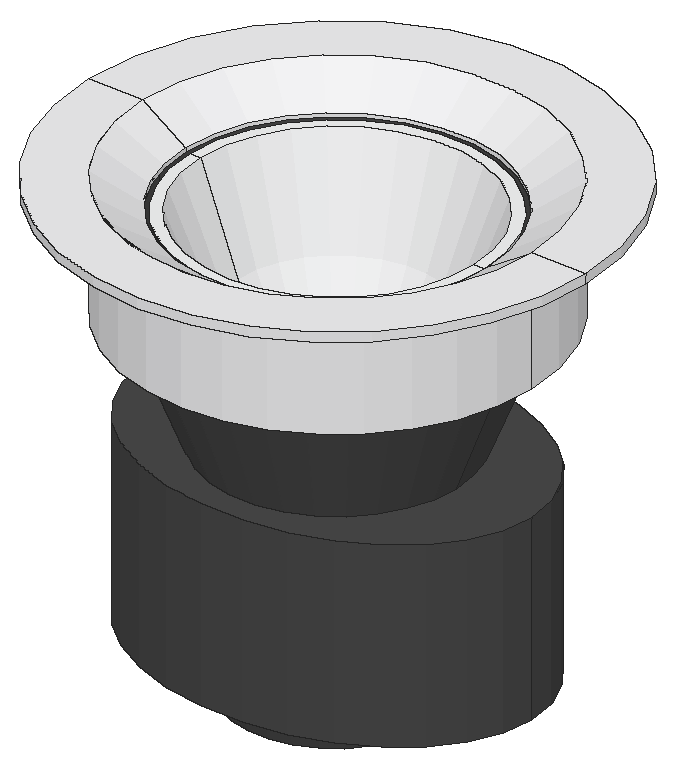
Revit family "2070020", category Lighting Fixtures, host Face, Revit 2018
Family settings
  Host = Face
  Round Connector Dimension = Use Diameter
  Part Type = Normal
  OmniClass Number = 23.80.70.11.17
  OmniClass Title = Specialized Lighting by Location or Use
  Cut with Voids When Loaded = No
  Light Source = Yes
  Shared = No
  Room Calculation Point = No
Parameters (values of type "2070020 EXPOSPOT 70 FIX RA90 4000K WB WHITE")
  Weight = 0.52 kg  # constant formula
  Total Power Consumption = 20.9996 W
  Reflector Material = Aluminum_Sylvania_Expospot_Polished
  Radius = Diameter / 2  # 55.0 mm
  Keynote = "n/a"
  Cooling Small Axis = Radius - 23.0 mm  # 32.0 mm
  Cooling Big Axis = Radius - 12.0 mm  # 43.0 mm
  Product Code = "0060226"
  Photobiological Risk Group = "RG1"  # constant formula
  Nominal Frequency = "50/60Hz"  # constant formula
  Max. Luminaires per 20A C Breaker = "70"  # constant formula
  Max. Luminaires per 20A B Breaker = "42"  # constant formula
  Max. Luminaires per 16A C Breaker = "51"  # constant formula
  Max. Luminaires per 16A B Breaker = "31"  # constant formula
  Max. Luminaires per 13A C Breaker = "41"  # constant formula
  Max. Luminaires per 13A B Breaker = "25"  # constant formula
  Max. Luminaires per 10A C Breaker = "31"  # constant formula
  Max. Luminaires per 10A B Breaker = "19"  # constant formula
  Lamp Power Factor = 0.9  # constant formula
  LOR = "100%"  # constant formula
  Inrush Duration = "139µs"  # constant formula
  Inrush Current = 28 A  # constant formula
  IP Rating = "IP20"  # constant formula
  IK Rating = "IK02"  # constant formula
  Height = 101.0 mm  # constant formula
  Wattage = 20.9996 W
  built-in parameter 1150110 = 1 (stored number, unit not read)
  Voltage Comments = "220-240V~"  # constant formula
  Voltage = 240 V  # constant formula
  URL = "0.9"
  built-in parameter 1114217 = 1 (stored number, unit not read)
  Tilt Angle = -90°  # constant formula
  built-in parameter 1150109 = 1 (stored number, unit not read)
  built-in parameter 1150134 = (empty or 0)
  built-in parameter 1150113 = 1 (stored number, unit not read)
  Product Page URL = "http://www.sylvania-lighting.com/product/en-int/products/0060226"
  Product Family = "EXPOSPOT 70 FIXED"  # constant formula
  Photometry Comments = ""
  Photometric Web File = "2070020.ies"
  Glow Wire Test = 850 °C  # constant formula
  Emit from Circle Diameter = Diameter - 24.0 mm  # 86.0 mm
  Emit Shape Visible in Rendering = no
  Electrical Protection = "Class II"  # constant formula
  Drive Current = "500mA"  # constant formula
  Dimmable = "N"  # constant formula
  Diffuser Material = Acrylic_Sylvania_Expospot_3000K
  Diameter = 110.0 mm  # constant formula
  Cutout Diameter = Diameter - 10.0 mm  # 100.0 mm
  Created by URL = "http://all1studio.com/"
  Created by = "All 1 Studio Ltd. "  # constant formula
  Control Gear Type = "Electronic"  # constant formula
  Control Gear Required = "No"  # constant formula
  Control Gear Mounting = "Remote"  # constant formula
  Colour Variation Initial = "3SDCM"  # constant formula
  built-in parameter 1114216 [instance] = 1 (stored number, unit not read)
  Model = "EXPOSPOT 70 FIXED RA90 4000K WB WHITE"
  Manufacturer = "Feilo Sylvania"  # constant formula
  built-in parameter 1150105 = 171.25 (stored number, unit not read)
  Lumens = 2152 lm
  built-in parameter 1150115 = 1 (stored number, unit not read)
  built-in parameter 1150137 = (empty or 0)
  built-in parameter 1150139 = (empty or 0)
  built-in parameter 1150112 = 1 (stored number, unit not read)
  built-in parameter 1150114 = 1 (stored number, unit not read)
  Lamp = "LED"  # constant formula
  built-in parameter 1150132 = 2
  built-in parameter 1150102 = (empty or 0)
  built-in parameter 1150107 = 3000 (stored number, unit not read)
  built-in parameter 1150138 = 3000
  built-in parameter 1150106 = 1.7125 (stored number, unit not read)
  CRI = "80Ra"
  Body Material = Aluminum_Sylvania_Expospot_White
  built-in parameter 1150104 = 9.5206 (stored number, unit not read)
  Dimming Lamp Color Temperature Shift = <None>
  Description = "Specifically designed for Retail and Display applications. I.e. Supermarkets, Fashion Retail, Department stores. Build around a 70mm reflector and lens combination."  # constant formula
  Default Elevation = 0.0 mm
  Color Filter = 16777215
  built-in parameter 1140040 [instance] = 1
  Beam Angle = 43°
  built-in parameter 1114218 = 1 (stored number, unit not read)
  Average Life = "50 000h"  # constant formula
  built-in parameter 1150133 = 10 (stored number, unit not read)
  Assembly Code = "D5020200"
  Apparent Load Comments = ""
  Apparent Load = 21 VA
  Cooling Material = Plastic_Sylvania_Expospot_Black
Reference planes
  plane 1 "Center (Front/Back)": y = 0
  plane 2: z = 0
  plane 3 "Center (Left/Right)": x = -7.423
  plane 4 "Fixture Bottom": z = 2
  plane 5: x = -62.423
  plane 6: x = -50.423
  plane 7: x = -40.923
  plane 8: z = -5
  plane 9: x = -47.923
  plane 10: z = -4.2
  plane 11: x = -39.923
  plane 12: x = -18.423
  plane 13: x = -20.753
  plane 14: z = -46
  plane 15: z = -25
  plane 16: z = -90.5
  plane 17 "Fixture Top": z = -99
  plane 18: z = -50.5
Forms (mm)
  Revolve 1, solid, material "Aluminum_Sylvania_Expospot_White" <- "Body Material", detail levels fine
    sketch origin (0, 0, 0) x (1, 0, 0) y (0, 0, 1)
      loop
        line (-50.423, 2) -> (-62.423, 2) -> (-62.423, 0) -> (-50.423, 0) -> (-50.423, -25) -> (-47.923, -25) -> (-47.923, -5) -> (-40.923, -5) -> (-40.923, -4.2) -> (-50.423, 2)
      axis (-7.423, 2) -> (-7.423, -25)
    angle from 0 to 360
  Revolve 2, solid, material "Aluminum_Sylvania_Expospot_Polished" <- "Reflector Material", detail levels fine
    sketch origin (0, 0, 0) x (1, 0, 0) y (0, 0, 1)
      loop
        arc (-39.923, -5) -> (-31.687, -26.131) -> (-20.753, -46) r 172.616
        line (-20.753, -46) -> (-18.423, -46)
        arc (-18.423, -46) -> (-29.46, -26.173) -> (-37.623, -5) r 162.237
        line (-37.623, -5) -> (-39.923, -5)
      axis (-7.423, -5) -> (-7.423, -46)
    angle from 0 to 360
  Revolve 3, solid, material "Acrylic_Sylvania_Expospot_3000K" <- "Diffuser Material", detail levels fine
    sketch origin (0, 0, 0) x (1, 0, 0) y (0, 0, 1)
      loop
        arc (-7.423, -37.989) -> (-14.227, -40.204) -> (-18.423, -46) r 11.557
        line (-18.423, -46) -> (-17.367, -46)
        arc (-17.367, -46) -> (-13.506, -40.918) -> (-7.423, -38.989) r 10.557
        line (-7.423, -38.989) -> (-7.423, -37.989)
      axis (-7.423, -37.989) -> (-7.423, -46)
    angle from 0 to 360
  Extrusion 4, solid, material "Plastic_Sylvania_Expospot_Black" <- "Cooling Material", detail levels fine
    sketch origin (0, 0, 0) x (1, 0, 0) y (0, 1, 0)
      loop
        spline (35.577, 0) -> (34.112, 8.282) -> (29.816, 16) -> (22.983, 22.627) -> (14.077, 27.713) -> (3.707, 30.91) -> (-7.423, 32) -> (-18.552, 30.91) -> (-28.923, 27.713) -> (-37.828, 22.627) -> (-44.662, 16) -> (-48.958, 8.282) -> (-50.423, 0)
        spline (-50.423, 0) -> (-48.958, -8.282) -> (-44.662, -16) -> (-37.828, -22.627) -> (-28.923, -27.713) -> (-18.552, -30.91) -> (-7.423, -32) -> (3.707, -30.91) -> (14.077, -27.713) -> (22.983, -22.627) -> (29.816, -16) -> (34.112, -8.282) -> (35.577, 0)
    from -90.5 to -50.5
  Revolve 5, solid, material "Plastic_Sylvania_Expospot_Black" <- "Cooling Material", detail levels fine
    sketch origin (0, 0, 0) x (1, 0, 0) y (0, 0, 1)
      loop
        line (-31.337, -90.5) -> (-31.337, -92.433) -> (-29.248, -99) -> (-7.423, -99) -> (-7.423, -90.5) -> (-31.337, -90.5)
      axis (-7.423, -90.5) -> (-7.423, -99)
    angle from 0 to 360
  Extrusion 6, void
    sketch origin (0, 0, 0) x (1, 0, 0) y (0, 1, 0)
      loop
        circle (-7.423, 0) r 50
    from -90.5 to 0
  Revolve 7, solid, material "Aluminum_Sylvania_Expospot_White" <- "Body Material", detail levels coarse+medium
    sketch origin (0, 0, 0) x (1, 0, 0) y (0, 0, 1)
      loop
        line (-62.423, 2) -> (-62.423, 0) -> (-50.423, 0) -> (-50.423, -99) -> (-7.423, -99) -> (-7.423, 2) -> (-62.423, 2)
      axis (-7.423, 2) -> (-7.423, -99)
    angle from 0 to 360
  Revolve 8, solid, material "Plastic_Sylvania_Expospot_Black" <- "Cooling Material", detail levels fine
    sketch origin (0, 0, 0) x (1, 0, 0) y (0, 0, 1)
      loop
        line (-47.923, -5) -> (-47.923, -25) -> (-44.155, -25) -> (-33.852, -50.5) -> (-7.423, -50.5) -> (-7.423, -46) -> (-34.592, -46) -> (-43.48, -24) -> (-46.923, -24) -> (-46.923, -5) -> (-47.923, -5)
      axis (-7.423, -5) -> (-7.423, -50.5)
    angle from 0 to 360
Cuts and joins
  joined: Extrusion 4, Revolve 5
Lines and regions (mm)
  Masking region 1
    outline origin (0, 0, 0) x (1, 0, 0) y (0, 1, 0)
      loop
        circle (-7.423, 0) r 55
  symbolic lines, detail levels fine
    curve 1: arc (-50.423, 0, 0) -> (-7.423, 43, 0) -> (35.577, 0, 0) r 43
    curve 2: arc (35.577, 0, 0) -> (-7.423, -43, 0) -> (-50.423, 0, 0) r 43
    curve 3: arc (3.577, 0, 0) -> (-7.423, -11, 0) -> (-18.423, 0, 0) r 11
    curve 4: arc (-18.423, 0, 0) -> (-7.423, 11, 0) -> (3.577, 0, 0) r 11
Dimensions and locks
  "Radius": plane 3 "Center (Left/Right)" to plane 5
  Revolve 3 sketch curve to Revolve 3 sketch curve to plane 14 = 1.0 mm locked, 7.011 mm locked
  "Cooling Small Axis": plane 1 "Center (Front/Back)" to Extrusion 4 sketch curve
  "Cooling Big Axis": Extrusion 4 sketch curve to plane 3 "Center (Left/Right)"
  "Height": plane 4 "Fixture Bottom" to plane 17 "Fixture Top"
  locked: plane 16 to plane 17 "Fixture Top" at 8.5
  plane 12 to plane 13 to plane 11 to plane 7 to plane 9 to plane 6 to plane 5 = 2.33 mm locked, 19.17 mm locked, 1.0 mm locked, 7.0 mm locked, 2.5 mm locked, 12.0 mm locked
  locked: Revolve 2 sketch curve to plane 11 at 2.3
  plane 4 "Fixture Bottom" to plane 10 to plane 8 to plane 15 to plane 14 to plane 18 = 6.2 mm locked, 0.8 mm locked, 20.0 mm locked, 21.0 mm locked, 4.5 mm locked
  "Cutout Diameter": diameter of Extrusion 6 sketch curve
  aligned and locked: host face to plane 2
  aligned and locked: host face to level
  aligned and locked: plane 1 "Center (Front/Back)" to imposter light
  aligned and locked: plane 3 "Center (Left/Right)" to imposter light
  aligned and locked: Revolve 1 sketch curve to plane 5
  aligned and locked: Revolve 1 sketch curve to plane 6
  aligned and locked: plane 9 to Revolve 1 sketch curve
  aligned and locked: plane 7 to Revolve 1 sketch curve
  aligned and locked: plane 10 to Revolve 1 sketch curve
  aligned and locked: plane 6 to Revolve 1 sketch curve
  aligned and locked: plane 8 to Revolve 1 sketch curve
  aligned and locked: Revolve 1 sketch curve to plane 2
  aligned and locked: plane 4 "Fixture Bottom" to Revolve 1 sketch curve
  aligned and locked: plane 15 to Revolve 1 sketch curve
  aligned and locked: plane 16 to Extrusion 4
  aligned and locked: plane 16 to Extrusion 6
  aligned and locked: plane 2 to Extrusion 6
  aligned and locked: Revolve 7 sketch curve to plane 6
  aligned and locked: plane 17 "Fixture Top" to Revolve 7 sketch curve
  aligned and locked: Revolve 7 sketch curve to plane 2
  aligned and locked: plane 4 "Fixture Bottom" to Revolve 7 sketch curve
  aligned and locked: Revolve 7 sketch curve to plane 5
  aligned and locked: plane 3 "Center (Left/Right)" to Revolve 7 sketch curve
  aligned and locked: curve 1 to Revolve 1
  aligned and locked: curve 2 to Revolve 1
  aligned and locked: curve 3 to Revolve 3
  aligned and locked: curve 4 to Revolve 3
  aligned and locked: imposter light to plane 4 "Fixture Bottom"
  aligned and locked: cut or joined group of Extrusion 4, Revolve 5 to plane 18
  aligned and locked: plane 14 to Revolve 8 sketch curve
Automatic sketch dimensions
  host sketch curve to host sketch curve = 1506.034 mm
  host sketch curve to host sketch curve = 1442.359 mm
  Revolve 1 sketch curve to plane 3 "Center (Left/Right)" = 0.0 mm
  Revolve 1 sketch curve to Revolve 1 sketch curve = 23.246 mm
  plane 4 "Fixture Bottom" to Revolve 1 sketch curve = 11.292 mm
  Revolve 3 sketch curve to Revolve 3 sketch curve = 0.0 mm
  Revolve 3 sketch curve to plane 12 = 0.0 mm
  Revolve 3 sketch curve to plane 14 = 0.0 mm
  Revolve 3 sketch curve to plane 3 "Center (Left/Right)" = 0.0 mm  (x2)
  Revolve 3 sketch curve to plane 14 = 1.818 mm
  plane 8 to Revolve 3 sketch curve = 3.0 mm
  Revolve 5 sketch curve to plane 16 = 0.0 mm
  Revolve 5 sketch curve to plane 17 "Fixture Top" = 0.0 mm
  Revolve 5 sketch curve to plane 3 "Center (Left/Right)" = 0.0 mm  (x2)
  plane 16 to Revolve 5 sketch curve = 1.933 mm
  plane 17 "Fixture Top" to Revolve 5 sketch curve = 271.274 mm
  plane 4 "Fixture Bottom" to Revolve 5 sketch curve = 1145.706 mm
  plane 1 "Center (Front/Back)" to Extrusion 4 sketch curve = 0.0 mm
  Extrusion 4 sketch curve to plane 3 "Center (Left/Right)" = 0.0 mm
  plane 1 "Center (Front/Back)" to Extrusion 6 sketch curve = 0.0 mm
  Extrusion 6 sketch curve to plane 3 "Center (Left/Right)" = 0.0 mm
  Revolve 7 sketch curve to plane 3 "Center (Left/Right)" = 0.0 mm
  plane 17 "Fixture Top" to Revolve 7 sketch curve = 24.097 mm
  Revolve 7 sketch curve to Revolve 7 sketch curve = 45.0 mm
  Masking region 1 sketch curve to Masking region 1 sketch curve = 0.0 mm  (x2)
  plane 1 "Center (Front/Back)" to Masking region 1 sketch curve = 0.0 mm
  Masking region 1 sketch curve to plane 5 = 0.0 mm
  Masking region 1 sketch curve to plane 3 "Center (Left/Right)" = 0.0 mm
  Revolve 2 sketch curve to plane 8 = 0.0 mm
  Revolve 2 sketch curve to plane 11 = 0.0 mm
  Revolve 2 sketch curve to plane 13 = 0.0 mm
  Revolve 2 sketch curve to plane 12 = 0.0 mm
  plane 3 "Center (Left/Right)" to Revolve 2 sketch curve = 0.0 mm
  Revolve 2 sketch curve to plane 14 = 0.0 mm
  plane 4 "Fixture Bottom" to Revolve 2 sketch curve = 40.631 mm
  Revolve 2 sketch curve to Revolve 2 sketch curve = 7.216 mm
  plane 17 "Fixture Top" to Revolve 2 sketch curve = 294.274 mm
  Revolve 2 sketch curve to Revolve 2 sketch curve = 1100.726 mm
  plane 11 to Revolve 5 sketch curve = 10.675 mm
  plane 7 to Revolve 5 sketch curve = 9.586 mm
  Revolve 8 sketch curve to plane 9 = 0.0 mm
  Revolve 8 sketch curve to plane 15 = 0.0 mm
  Revolve 8 sketch curve to plane 18 = 0.0 mm
  Revolve 8 sketch curve to plane 3 "Center (Left/Right)" = 0.0 mm  (x2)
  Revolve 8 sketch curve to plane 8 = 0.0 mm
  Revolve 8 sketch curve to plane 7 = 3.232 mm
  Revolve 8 sketch curve to Revolve 8 sketch curve = 0.675 mm
  plane 11 to Revolve 8 sketch curve = 6.071 mm
  Revolve 8 sketch curve to Revolve 8 sketch curve = 0.74 mm
  Revolve 8 sketch curve to plane 15 = 1.0 mm
  Revolve 8 sketch curve to Revolve 8 sketch curve = 1.0 mm
  plane 17 "Fixture Top" to Revolve 8 sketch curve = 273.274 mm
  plane 4 "Fixture Bottom" to Revolve 8 sketch curve = 1145.706 mm
Connectors
  electrical at (-7.423, 0, -99), driven by "Voltage", driven by "Apparent Load", driven by "Lamp Power Factor"
    settings: on cut or joined group of Extrusion 4, Revolve 5, index 1, voltage 240 V, apparent load 0 VA, apparent load phase1 21 VA, apparent load phase2 0 VA, apparent load phase3 0 VA, power factor 0.9, load classification "Lighting", number of poles 1, system type 31, power factor state 1, is connector primary yes, connector utility no, sub classification motor no, connector description ""
